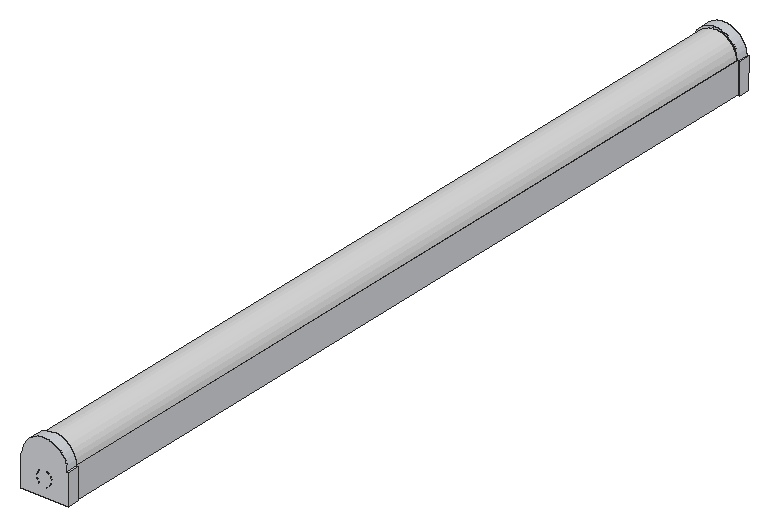
Revit family "0048932", category Lighting Fixtures, host Face, Revit 2017
Family settings
  Host = Face
  Round Connector Dimension = Use Diameter
  Part Type = Normal
  OmniClass Number = 23.80.70.00
  OmniClass Title = Lighting
  Cut with Voids When Loaded = No
  Light Source = Yes
  Shared = No
  Room Calculation Point = No
Parameters (values of type "0048932 WAYLINE 1200 MW 3200LM 840")
  Weight = "8.64 kg"
  Wattage Comments = ""
  Wattage = 24 W
  WarrantyStartDate [instance] = "n/a"
  WarrantyGuarantorParts = "n/a"
  WarrantyDurationUnit = "n/a"
  WarrantyDurationParts = "n/a"
  WarrantyDescription = "n/a"
  WIDTH/2_SYL = 35 mm
  built-in parameter 1150110 = 1 (stored number, unit not read)
  Voltage = 0 V
  URL = "http://www.sylvania-lighting.com"
  TypeName = "Wayline 1200 MW 3200lm 840"
  Type Image = <None>
  Type Comments = "n/a"
  built-in parameter 1114217 = 1 (stored number, unit not read)
  Tilt Angle = -90.00°
  built-in parameter 1150109 = 1 (stored number, unit not read)
  built-in parameter 1150134 = 12
  built-in parameter 1150113 = 1 (stored number, unit not read)
  SerialNumber [instance] = "n/a"
  R_HEIGHT_SYL = 44 mm
  Photometric Web File = "0048932.ies"
  Material_3_SYL = none
  PowerFactor = 0.9
  PowerConsumption = "24 W"
  NominalLength = 1220 mm
  NominalHeight = 76.5 mm
  NominalDepth = 70 mm
  Name = "Wayline 1200 MW 3200lm 840"
  ModelReference = Name  # "Wayline 1200 MW 3200lm 840"
  ModelNumber = "48932"
  Model = Name  # "Wayline 1200 MW 3200lm 840"
  Material = "steel housing, pc polycarbonate diffuser"
  ManufacturerName = "Feilo Sylvania"
  Manufacturer = "Feilo Sylvania"
  LuminousEfficacy = "133 lm/W"
  built-in parameter 1150105 = -2647764 (stored number, unit not read)
  Lumens = 3192 lm
  LuminaireType = ""
  built-in parameter 1150115 = 1 (stored number, unit not read)
  LightOutputRatio = "n/a"
  built-in parameter 1150137 = (empty or 0)
  built-in parameter 1150139 = (empty or 0)
  LampsType = Lamp  # "LED"
  LampNominalLuminous = "3200 lm"
  LampMacAdamStep = "5"
  LampColourTemperature = "4000 K"
  LampColourRenderingIndex = "80"
  built-in parameter 1150112 = 1 (stored number, unit not read)
  built-in parameter 1150114 = 1 (stored number, unit not read)
  Lamp = "LED"
  LUM_R_SYL = 30 mm
  Keynote = "16500"
  InstallationDate [instance] = "n/a"
  InputVoltage = "n/a"
  InputNominalFrequency = "n/a"
  built-in parameter 1150132 = (empty or 0)
  built-in parameter 1150102 = (empty or 0)
  built-in parameter 1150107 = 4000 (stored number, unit not read)
  built-in parameter 1150138 = (empty or 0)
  IngressProtection = "IP20"
  ImpactProtectionIndex = "IK08"
  built-in parameter 1150106 = -26477.6 (stored number, unit not read)
  IfcExportType = "IfcLightFixtureType"
  IfcExportAs = "IfcLightFixtureType"
  HOLE_HEIGHT_SYL = 24 mm
  HEIGHT_SYL = 76.5 mm
  GAP_SYL = 2.5 mm
  Emit from Circle Diameter = 609.6 mm
  Emit Shape Visible in Rendering = no
  ElectricShockClassification = "Class I"
  built-in parameter 1150104 = 12.356 (stored number, unit not read)
  DocumentationLiterature = "http://www.sylvania-lighting.com/product/en-int/products/0048932"
  DimmingControlOptions = "n/a"
  Material_2_SYL = none
  Dimming Lamp Color Temperature Shift = <None>
  Description = "LED batten, T8 replacement, ease of installation through 2 part push-in design of the housing (safety cable included), through wiring capability, steel housing, 3200lm, 24W, 133lm/W, 4000K, CRI80, 3 step MacAdam ellipse, symmetric wide beam angle, Class I, 90000 hrs L80B20 lifespan, non-dimmable driver, MW sensor for 360° detection up to 8m range at 6m mounting height, IK08, IP20, 1220 x 70 x 76.5mm (LxWxD) dimensions, 1.44kg weight."
  Default Elevation = 1219.2 mm
  CreatedOn = "5/25/2021"
  CreatedBy = "@sylvania-lighting.com"
  Cost = 0
  Color Filter = 16777215
  built-in parameter 1114216 [instance] = (empty or 0)
  ClassificationValue = "EF_70_80"
  ClassificationName = "Uniclass2015"
  Material_1_SYL = Dynamo
  BarCode [instance] = "n/a"
  built-in parameter 1114218 = 1 (stored number, unit not read)
  built-in parameter 1150133 = 10 (stored number, unit not read)
  AssetType = "Fixed"
  AssetIdentifier [instance] = "n/a"
  Assembly Code = "D5020200"
  Apparent Load = 24 VA
  Material_4_SYL = none
Types (8, lengths in mm): name | Weight | Wattage | TypeName | Photometric Web File | PowerConsumption | Name | ModelReference | ModelNumber | Model | LuminousEfficacy | built-in parameter 1150105 | Lumens | LampNominalLuminous | built-in parameter 1150106 | built-in parameter 1150104 | DocumentationLiterature | Description | Apparent Load
  0048940 WAYLINE 1200 MWCOR 3100LM 840 | "10.38 kg" | 24 W | "Wayline 1200 MWCOR 3100lm 840" | "0048940.ies" | "24 W" | "Wayline 1200 MWCOR 3100lm 840" | "Wayline 1200 MWCOR 3100lm 840" | "48940" | "Wayline 1200 MWCOR 3100lm 840" | "129 lm/W" | -2487883.7 (stored number, unit not read) | 3096 lm | "3100 lm" | -24878.8 (stored number, unit not read) | 11.984 (stored number, unit not read) | "http://www.sylvania-lighting.com/product/en-int/products/0048940" | "LED batten, T8 replacement, ease of installation through 2 part push-in design of the housing (safety cable included), through wiring capability, steel housing, 3100lm, 24W, 129lm/W, 4000K, CRI80, 3 step MacAdam ellipse, symmetric wide beam angle, Class I, 90000 hrs L80B20 lifespan, non-dimmable driver, corridor function with microwave presence sensor, IK08, IP20, 1220 x 70 x 76.5mm  (L x W x H) dimensions, 1.73kg." | 24 VA
  0048933 WAYLINE 1200 MW 5700LM 840 | "8.82 kg" | 41 W | "Wayline 1200 MW 5700lm 840" | "0048933.ies" | "41 W" | "Wayline 1200 MW 5700lm 840" | "Wayline 1200 MW 5700lm 840" | "48933" | "Wayline 1200 MW 5700lm 840" | "139 lm/W" | -8420557.4 (stored number, unit not read) | 5699 lm | "5700 lm" | -84205.6 (stored number, unit not read) | 12.914 (stored number, unit not read) | "http://www.sylvania-lighting.com/product/en-int/products/0048933" | "LED batten, T8 replacement, ease of installation through 2 part push-in design of the housing (safety cable included), through wiring capability, steel housing, 5700lm, 41W, 139lm/W, 4000K, CRI80, 3 step MacAdam ellipse, symmetric wide beam angle, Class I, 90000 hrs L80B20 lifespan, non-dimmable driver, MW sensor for 360° detection up to 8m range at 6m mounting height, IK08, IP20, 1220 x 70 x 76.5mm (LxWxD) dimensions, 1.47kg weight." | 41 VA
  0048932 WAYLINE 1200 MW 3200LM 840 | "8.64 kg" | 24 W | "Wayline 1200 MW 3200lm 840" | "0048932.ies" | "24 W" | "Wayline 1200 MW 3200lm 840" | "Wayline 1200 MW 3200lm 840" | "48932" | "Wayline 1200 MW 3200lm 840" | "133 lm/W" | -2647764 (stored number, unit not read) | 3192 lm | "3200 lm" | -26477.6 (stored number, unit not read) | 12.356 (stored number, unit not read) | "http://www.sylvania-lighting.com/product/en-int/products/0048932" | "LED batten, T8 replacement, ease of installation through 2 part push-in design of the housing (safety cable included), through wiring capability, steel housing, 3200lm, 24W, 133lm/W, 4000K, CRI80, 3 step MacAdam ellipse, symmetric wide beam angle, Class I, 90000 hrs L80B20 lifespan, non-dimmable driver, MW sensor for 360° detection up to 8m range at 6m mounting height, IK08, IP20, 1220 x 70 x 76.5mm (LxWxD) dimensions, 1.44kg weight." | 24 VA
  0048929 WAYLINE 1200 5700LM 840 EM | "10.92 kg" | 44 W | "Wayline 1200 5700lm 840 EM" | "0048929.ies" | "44 W" | "Wayline 1200 5700lm 840 EM" | "Wayline 1200 5700lm 840 EM" | "48929" | "Wayline 1200 5700lm 840 EM" | "130 lm/W" | -8451586 (stored number, unit not read) | 5720 lm | "5700 lm" | -84515.9 (stored number, unit not read) | 12.077 (stored number, unit not read) | "http://www.sylvania-lighting.com/product/en-int/products/0048929" | "LED batten, T8 replacement, ease of installation through 2 part push-in design of the housing (safety cable included), through wiring capability, steel housing, 5700lm, 44W, 130lm/W, 4000K, CRI80, 3 step MacAdam ellipse, symmetric wide beam angle, Class I, 90000 hrs L80B20 lifespan, non-dimmable driver, 3-hour maintained emergency batteries, IK08, IP20, 1220 x  70 x 76.5mm  (L x W x H) dimensions, 1.82kg." | 44 VA
  0048928 WAYLINE 1200 3200LM 840 EM | "10.68 kg" | 26 W | "Wayline 1200 3200lm 840 EM" | "0048928.ies" | "26 W" | "Wayline 1200 3200lm 840 EM" | "Wayline 1200 3200lm 840 EM" | "48928" | "Wayline 1200 3200lm 840 EM" | "123 lm/W" | -2652741 (stored number, unit not read) | 3198 lm | "3200 lm" | -26527.4 (stored number, unit not read) | 11.427 (stored number, unit not read) | "http://www.sylvania-lighting.com/product/en-int/products/0048928" | "LED batten, T8 replacement, ease of installation through 2 part push-in design of the housing (safety cable included), through wiring capability, steel housing, 3200lm, 26W, 123lm/W, 4000K, CRI80, 3 step MacAdam ellipse, symmetric wide beam angle, Class I, 90000 hrs L80B20 lifespan, non-dimmable driver, 3-hour maintained emergency batteries, IK08, IP20, 1220 x 70 x 76.5mm  (L x W x H) dimensions, 1.78kg." | 26 VA
  0048925 WAYLINE 1200 DALI 5500LM 840 | "10.02 kg" | 40 W | "Wayline 1200 DALI 5500lm 840" | "0048925.ies" | "40 W" | "Wayline 1200 DALI 5500lm 840" | "Wayline 1200 DALI 5500lm 840" | "48925" | "Wayline 1200 DALI 5500lm 840" | "138 lm/W" | -7869864 (stored number, unit not read) | 5520 lm | "5500 lm" | -78698.6 (stored number, unit not read) | 12.821 (stored number, unit not read) | "http://www.sylvania-lighting.com/product/en-int/products/0048925" | "LED batten, T8 replacement, ease of installation through 2 part push-in design of the housing (safety cable included), through wiring capability, steel housing, 5500lm, 40W, 138lm/W, 4000K, CRI80, 3 step MacAdam ellipse, symmetric wide beam angle, Class I, 90000 hrs L80B20 lifespan, DALI dimmable driver, IK08, IP20, 1220 x 70 x 76.5mm (LxWxD) dimensions, 1.67kg weight." | 40 VA
  0048924 WAYLINE 1200 DALI 3100LM 840 | "9.96 kg" | 23 W | "Wayline 1200 DALI 3100lm 840" | "0048924.ies" | "23 W" | "Wayline 1200 DALI 3100lm 840" | "Wayline 1200 DALI 3100lm 840" | "48924" | "Wayline 1200 DALI 3100lm 840" | "135 lm/W" | -2495115.9 (stored number, unit not read) | 3105 lm | "3100 lm" | -24951.2 (stored number, unit not read) | 12.542 (stored number, unit not read) | "http://www.sylvania-lighting.com/product/en-int/products/0048924" | "LED batten, T8 replacement, ease of installation through 2 part push-in design of the housing (safety cable included), through wiring capability, steel housing, 3100lm, 23W, 135lm/W, 4000K, CRI80, 3 step MacAdam ellipse, symmetric wide beam angle, Class I, 90000 hrs L80B20 lifespan, DALI dimmable driver, IK08, IP20, 1220 x 70 x 76.5mm (LxWxD) dimensions, 1.66kg weight." | 23 VA
  0048953 WAYLINE 1200 MWCOR 5500LM 840 | "10.44 kg" | 41 W | "Wayline 1200 MWCOR 5500lm 840" | "0048953.ies" | "41 W" | "Wayline 1200 MWCOR 5500lm 840" | "Wayline 1200 MWCOR 5500lm 840" | "48953" | "Wayline 1200 MWCOR 5500lm 840" | "134 lm/W" | -7832795.8 (stored number, unit not read) | 5494 lm | "5500 lm" | -78328 (stored number, unit not read) | 12.449 (stored number, unit not read) | "http://www.sylvania-lighting.com/product/en-int/products/0048953" | "LED batten, T8 replacement, ease of installation through 2 part push-in design of the housing (safety cable included), through wiring capability, steel housing, 5500lm, 41W, 134lm/W, 4000K, CRI80, 3 step MacAdam ellipse, symmetric wide beam angle, Class I, 90000 hrs L80B20 lifespan, non-dimmable driver, corridor function with microwave presence sensor, IK08, IP20, 1220 x 70 x 76.5mm  (L x W x H) dimensions, 1.74kg." | 41 VA
Reference planes
  plane 1 "Center (Front/Back)": y = 0
  plane 2: z = 0
  plane 3 "Center (Left/Right)": x = 0
  plane 4: z = 76.5
  plane 5: x = -35
  plane 6: x = 35
  plane 7: z = 44
  plane 8: x = -32.5
  plane 9: x = 32.5
  plane 10: z = 24
  plane 11: x = 2.5
  plane 12: x = -2.5
  plane 13: z = 26.5
  plane 14: z = 21.5
  plane 15: z = 74
Forms (mm)
  Extrusion 1, solid
    sketch origin (0, 0, 0) x (1, 0, 0) y (0, 0, 1)
      loop
        arc (32.5, 44) -> (0, 76.5) -> (-32.5, 44) r 32.5
        line (-32.5, 44) -> (-35, 44) -> (-35, 0) -> (35, 0) -> (35, 44) -> (32.5, 44)
      loop
        line (2.5, 34.712) -> (2.5, 33.682)
        arc (2.5, 33.682) -> (7.071, 31.071) -> (9.682, 26.5) r 10
        line (9.682, 26.5) -> (10.712, 26.5)
        arc (10.712, 26.5) -> (7.778, 31.778) -> (2.5, 34.712) r 11
      loop
        line (-2.5, 33.682) -> (-2.5, 34.712)
        arc (-2.5, 34.712) -> (-7.778, 31.778) -> (-10.712, 26.5) r 11
        line (-10.712, 26.5) -> (-9.682, 26.5)
        arc (-9.682, 26.5) -> (-7.071, 31.071) -> (-2.5, 33.682) r 10
      loop
        line (-9.682, 21.5) -> (-10.712, 21.5)
        arc (-10.712, 21.5) -> (-7.778, 16.222) -> (-2.5, 13.288) r 11
        line (-2.5, 13.288) -> (-2.5, 14.318)
        arc (-2.5, 14.318) -> (-7.071, 16.929) -> (-9.682, 21.5) r 10
      loop
        line (2.5, 14.318) -> (2.5, 13.288)
        arc (2.5, 13.288) -> (7.778, 16.222) -> (10.712, 21.5) r 11
        line (10.712, 21.5) -> (9.682, 21.5)
        arc (9.682, 21.5) -> (7.071, 16.929) -> (2.5, 14.318) r 10
    from 594 to 610
  Extrusion 2, solid, material "Dynamo" <- "Material_1_SYL"
    sketch origin (0, 0, 0) x (1, 0, 0) y (0, 0, 1)
      loop
        line (-30, 44) -> (30, 44)
        arc (30, 44) -> (0, 74) -> (-30, 44) r 30
    from -594 to 594
  Extrusion 3, solid
    sketch origin (0, 0, 0) x (1, 0, 0) y (0, 0, 1)
      loop
        line (-32.5, 44) -> (-32.5, 0) -> (32.5, 0) -> (32.5, 44) -> (-32.5, 44)
    from -594 to 594
  Extrusion 4, solid
    sketch origin (0, 0, 0) x (1, 0, 0) y (0, 0, -1)
      loop
        line (32.5, -44) -> (35, -44) -> (35, 0) -> (-35, 0) -> (-35, -44) -> (-32.5, -44)
        arc (-32.5, -44) -> (0, -76.5) -> (32.5, -44) r 32.5
      loop
        arc (2.5, -34.712) -> (7.778, -31.778) -> (10.712, -26.5) r 11
        line (10.712, -26.5) -> (9.682, -26.5)
        arc (9.682, -26.5) -> (7.071, -31.071) -> (2.5, -33.682) r 10
        line (2.5, -33.682) -> (2.5, -34.712)
      loop
        arc (-2.5, -33.682) -> (-7.071, -31.071) -> (-9.682, -26.5) r 10
        line (-9.682, -26.5) -> (-10.712, -26.5)
        arc (-10.712, -26.5) -> (-7.778, -31.778) -> (-2.5, -34.712) r 11
        line (-2.5, -34.712) -> (-2.5, -33.682)
      loop
        arc (-9.682, -21.5) -> (-7.071, -16.929) -> (-2.5, -14.318) r 10
        line (-2.5, -14.318) -> (-2.5, -13.288)
        arc (-2.5, -13.288) -> (-7.778, -16.222) -> (-10.712, -21.5) r 11
        line (-10.712, -21.5) -> (-9.682, -21.5)
      loop
        arc (2.5, -14.318) -> (7.071, -16.929) -> (9.682, -21.5) r 10
        line (9.682, -21.5) -> (10.712, -21.5)
        arc (10.712, -21.5) -> (7.778, -16.222) -> (2.5, -13.288) r 11
        line (2.5, -13.288) -> (2.5, -14.318)
    from 594 to 610
Dimensions and locks
  "HEIGHT_SYL": plane 4 to host face
  "WIDTH/2_SYL": plane 6 to plane 3 "Center (Left/Right)" to plane 5
  "R_HEIGHT_SYL": plane 7 to host face
  "GAP_SYL": plane 8 to plane 5
  "GAP_SYL": plane 6 to plane 9
  "HOLE_HEIGHT_SYL": plane 10 to host face
  "GAP_SYL": plane 13 to plane 10 to plane 14
  "GAP_SYL": plane 11 to plane 3 "Center (Left/Right)" to plane 12
  "LUM_R_SYL": plane 15 to plane 7
  aligned and locked: plane 2 to host face
  aligned and locked: level to host face
Automatic sketch dimensions
  host sketch curve to host sketch curve = 2438.4 mm  (x2)
  Extrusion 1 sketch curve to Extrusion 1 sketch curve = 0 mm  (x58)
  Extrusion 1 sketch curve to level = 0 mm
  Extrusion 1 sketch curve to plane 5 = 0 mm
  Extrusion 1 sketch curve to plane 7 = 0 mm
  Extrusion 1 sketch curve to plane 8 = 0 mm
  Extrusion 1 sketch curve to plane 13 = 0 mm  (x2)
  Extrusion 1 sketch curve to plane 14 = 0 mm  (x2)
  Extrusion 1 sketch curve to plane 12 = 0 mm  (x2)
  Extrusion 1 sketch curve to plane 3 "Center (Left/Right)" = 0 mm  (x2)
  Extrusion 1 sketch curve to plane 11 = 0 mm  (x2)
  Extrusion 1 sketch curve to plane 6 = 0 mm
  Extrusion 1 sketch curve to plane 10 = 0 mm
  Extrusion 1 sketch curve to plane 12 = 8.212 mm
  Extrusion 1 sketch curve to Extrusion 1 sketch curve = 1.03 mm  (x4)
  plane 11 to Extrusion 1 sketch curve = 7.182 mm
  Extrusion 2 sketch curve to plane 7 = 0 mm
  Extrusion 2 sketch curve to plane 3 "Center (Left/Right)" = 0 mm
  plane 8 to Extrusion 2 sketch curve = 2.5 mm
  Extrusion 3 sketch curve to level = 0 mm
  Extrusion 3 sketch curve to plane 8 = 0 mm
  Extrusion 3 sketch curve to plane 9 = 0 mm
  Extrusion 3 sketch curve to plane 7 = 0 mm
  Extrusion 4 sketch curve to Extrusion 4 sketch curve = 0 mm  (x58)
  Extrusion 4 sketch curve to level = 0 mm
  Extrusion 4 sketch curve to plane 5 = 0 mm
  Extrusion 4 sketch curve to plane 7 = 0 mm
  Extrusion 4 sketch curve to plane 8 = 0 mm
  Extrusion 4 sketch curve to plane 13 = 0 mm  (x2)
  Extrusion 4 sketch curve to plane 14 = 0 mm  (x2)
  Extrusion 4 sketch curve to plane 12 = 0 mm  (x2)
  Extrusion 4 sketch curve to plane 3 "Center (Left/Right)" = 0 mm  (x2)
  Extrusion 4 sketch curve to plane 11 = 0 mm  (x2)
  Extrusion 4 sketch curve to plane 6 = 0 mm
  Extrusion 4 sketch curve to plane 10 = 0 mm
  Extrusion 4 sketch curve to plane 12 = 8.212 mm
  Extrusion 4 sketch curve to Extrusion 4 sketch curve = 1.03 mm  (x4)
  plane 11 to Extrusion 4 sketch curve = 7.182 mm
Connectors
  electrical at (0, -610, 29.333)
    settings: on Extrusion 1, index 1, voltage 0 V, apparent load 0 VA, apparent load phase1 0 VA, apparent load phase2 0 VA, apparent load phase3 0 VA, power factor 1, load classification "Other", number of poles 1, system type 31, power factor state 1, is connector primary yes, connector utility no, sub classification motor no, connector description ""
